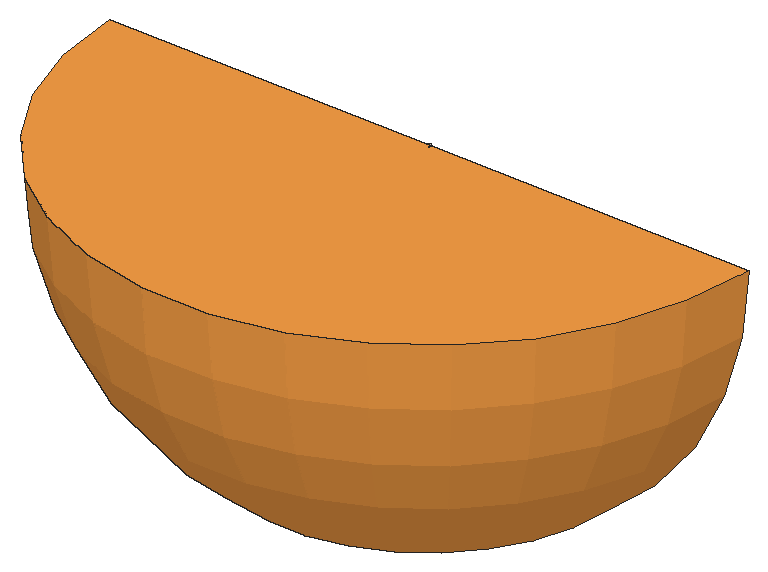
Revit family "Difusores de chorro_Aguilera Extincion", category Rociadores, Revit 2017
Family settings
  Mantener orientación de anotación = No
  Cota de conector redondo = Radio de uso
  Tipo de pieza = Normal
  Número OmniClass = 23.65.70.17.11.24
  Título OmniClass = Fire Fighting Sprinkler Heads
  Se basa en plano de trabajo = Sí
  Siempre vertical = Sí
  Corte con vacíos al cargar = No
  Compartido = No
  Punto de cálculo de habitación = No
Parameters (values of type "Difusor de chorro 1 1/4" hembra")
  Zona de acción = yes
  URL = "http://aguilera.es/?productos=difusores-de-chorro-ig-55"
  Símbolo texto modelo = yes
  Símbolo = yes
  Rosca = 31.8 mm
  Rh = Hexagonal / 2  # 25 mm
  Respuesta = Norma
  Radio = Rosca / 2  # 15.9 mm
  Orificio = Norma
  Modelo = "AEX/DCH114"
  Hr = Altura / 3.5  # 20 mm
  Hexagonal = 50 mm
  Fabricante = "Aguilera Extinción"  # constant formula
  Default Elevation = 0 mm
  Diámetro = 6.4 mm
  Descripción = "Componente que permite obtener un caudal predeterminado y una característica de distribución uniforme del agente extintor dentro o sobre el riesgo protegido."  # constant formula
  Dd = Altura / 6  # 11.667 mm
  Cobertura = Norma
  Clase de presión = Norma
  Altura = 70 mm
Types (8, lengths in mm): name | Rosca | Rh | Radio | Modelo | Hr | Hexagonal | Dd | Altura
  (no name) | 31.8 | 25 | 15.9 | "AEX/DCH114" | 20 | 50 | 11.667 | 70
  Difusor de chorro 1/4" hembra | 6.4 | 9 | 3.2 | "AEX/DCH14" | 8.571 | 18 | 5 | 30
  Difusor de chorro 3/8" hembra | 9.5 | 11 | 4.75 | "AEX/DCH38" | 10 | 22 | 5.833 | 35
  Difusor de chorro 1/2" hembra | 12.7 | 13.5 | 6.35 | "AEX/DCH12" | 13.143 | 27 | 7.667 | 46
  Difusor de chorro 3/4" hembra | 19.1 | 16 | 9.55 | "AEX/DCH34" | 14.286 | 32 | 8.333 | 50
  Difusor de chorro 1" hembra | 25.4 | 20 | 12.7 | "AEX/DCH1" | 17.143 | 40 | 10 | 60
  Difusor de chorro 1 1/4" hembra | 31.8 | 25 | 15.9 | "AEX/DCH114" | 20 | 50 | 11.667 | 70
  Difusor de chorro 1 1/2" hembra | 38.1 | 30 | 19.05 | "AEX/DCH112" | 24.286 | 60 | 14.167 | 85
Reference planes
  plane 1 "Centro (Frontal/Posterior)": y = 0
  plane 2: z = 0
  plane 3 "Centro (Izquierda/Derecha)": x = 0
  plane 4: z = -70
  plane 5: x = -25
  plane 6: x = 25
  plane 7: through (-17, -19.053, 3968.5) normal (0.5, 0.866, 0)
  plane 8: through (-4.5, 2.598, 3968.5) normal (0.5, 0.866, 0)
  plane 9: through (8, 24.249, 3968.5) normal (0.5, 0.866, 0)
  plane 10: through (17, -19.053, 3968.5) normal (0.5, -0.866, 0)
  plane 11: through (4.5, 2.598, 3968.5) normal (0.5, -0.866, 0)
  plane 12: through (-8, 24.249, 3968.5) normal (0.5, -0.866, 0)
  plane 13: z = -20
Forms (mm)
  Revolve 1, solid, material "Zona de acción", visible <- "Zona de acción"
    sketch origin (0, 0, -1.689) x (-1, 0, 0) y (0, 0, 1)
      loop
        line (0, 4.189) -> (-4000, 4.189)
        arc (-4000, 4.189) -> (-2828.427, -2824.238) -> (0, -3995.811) r 4000
        line (0, -3995.811) -> (0, 4.189)
      axis (0, 4.189) -> (0, -3995.811)
    angle from 0 to 180
  Extrusion 2, solid, material "Acero F212 Cromado", detail levels medium+fine
    sketch origin (0, 0, 0) x (1, 0, 0) y (0, 1, 0)
      loop
        line (25, 14.434) -> (0, 28.868) -> (-25, 14.434) -> (-25, -14.434) -> (0, -28.868) -> (25, -14.434) -> (25, 14.434)
    from 0 to -20
  Revolve 3, solid, material "Acero F212 Cromado", detail levels medium+fine
    sketch origin (0, 0, 0) x (1, 0, 0) y (0, 0, 1)
      loop
        line (0, -20) -> (-25, -20) -> (-25, -45) -> (-23.651, -45) -> (-23.651, -70) -> (0, -70) -> (0, -20)
      axis (0, -20) -> (0, -70)
    angle from 0 to 360
  Extrusion 4, void
    sketch origin (0, 0, 0) x (0, -1, 0) y (0, 0, 1)
      loop
        line (0, -45) -> (-11.667, -45) -> (0, -70) -> (11.667, -70) -> (0, -45)
    from -25 to 25
Cuts and joins
  Extrusion 4 cuts Revolve 1
  Extrusion 4 cuts Revolve 3
Dimensions and locks
  equal spacing: plane 12, plane 11, plane 10
  "Hexagonal": plane 12 to plane 10
  equal spacing: plane 5, plane 3 "Centro (Izquierda/Derecha)", plane 6
  "Hexagonal": plane 5 to plane 6
  equal spacing: plane 9, plane 8, plane 7
  "Hexagonal": plane 9 to plane 7
  "Altura": plane 2 to plane 4
  "Rh": Revolve 3 sketch curve to Revolve 3 sketch curve
  equal spacing: Extrusion 2, Revolve 3 sketch curve, plane 4
  Revolve 3 sketch curve to Revolve 3 sketch curve = 1.349 mm
  "Hr": plane 2 to plane 13
  "Dd": Extrusion 4 sketch curve to Extrusion 4 sketch curve  (x2)
  aligned and locked: level to plane 2
  aligned and locked: Extrusion 2 sketch curve to plane 6
  aligned and locked: Extrusion 2 sketch curve to plane 5
  aligned and locked: plane 7 to Extrusion 2 sketch curve
  aligned and locked: plane 9 to Extrusion 2 sketch curve
  aligned and locked: plane 12 to Extrusion 2 sketch curve
  aligned and locked: Extrusion 2 sketch curve to plane 10
  aligned and locked: level to Extrusion 2
  aligned and locked: Revolve 3 sketch curve to Extrusion 2
  aligned and locked: plane 3 "Centro (Izquierda/Derecha)" to Revolve 3 sketch curve
  aligned and locked: Revolve 3 sketch curve to plane 3 "Centro (Izquierda/Derecha)"
  aligned and locked: Revolve 3 sketch curve to plane 4
  aligned and locked: Extrusion 2 to plane 13
  aligned and locked: Extrusion 4 sketch curve to Revolve 3
  aligned and locked: plane 4 to Extrusion 4 sketch curve
  aligned and locked: Revolve 3 to Extrusion 4 sketch curve
  aligned and locked: Extrusion 2 to Extrusion 4  (x2)
Automatic sketch dimensions
  level to Revolve 1 sketch curve = 2.5 mm
  plane 3 "Centro (Izquierda/Derecha)" to Revolve 1 sketch curve = 4000 mm
  Revolve 1 sketch curve to plane 3 "Centro (Izquierda/Derecha)" = 0 mm
  Revolve 1 sketch curve to Revolve 1 sketch curve = 0 mm
  Revolve 1 sketch curve to plane 4 = 153.343 mm
  Revolve 1 sketch curve to Revolve 1 sketch curve = 178.311 mm
  Revolve 3 sketch curve to Revolve 3 sketch curve = 0.384 mm
  level to Revolve 3 sketch curve = 6.369 mm
  Extrusion 4 sketch curve to plane 1 "Centro (Frontal/Posterior)" = 0 mm  (x2)
Nested families
  nested 1: "S_Difusor de chorro_Aguilera Extinción" at (0, 0, 0), visible <- "Símbolo", type "S_Difusor de chorro_Aguilera Extinción", detail levels coarse
Connectors
  piping at (0, 0, 0), diameter 31.8, driven by "Radio", driven by "Modelo"
    settings: on Extrusion 2, index 1, connector inside diameter 609.6 mm, connector length 0 mm, flow factor 0, pipe flow 0.0 L/min, pressure drop 0.0 Pa, fitting loss kfactor 0, connector angle 0.00°, fixture units 0, engagement length 0 mm, angle of deflection 0.00°, flow configuration 0, flow direction 1, fitting loss method 0, system type 26, joint type 0, gender type 0, connector reference index -1, connector utility 0, adjustable connector no, is connector primary yes, connector description "AEX/DCH114"
Definition of nested family "S_Difusor de chorro_Aguilera Extinción"
  Parameters (values of type "S_Difusor de chorro_Aguilera Extinción")
    Texto símbolo = "Difusor de ventana"
    Texto modelo = yes
    Modelo = "AEX/DV112C"
  Reference planes
    plane 1: y = 0
    plane 2: x = 0
  Lines and regions (mm)
    detail lines
      curve 1: line (0, -1.699, 0) -> (0, -2.813, 0)
      curve 2: line (1.201, -1.201, 0) -> (1.989, -1.989, 0)
      curve 3: line (1.699, 0, 0) -> (2.813, 0, 0)
      curve 4: line (-1.201, -1.201, 0) -> (-1.989, -1.989, 0)
      curve 5: line (-1.699, 0, 0) -> (-2.813, 0, 0)
      curve 6: line (1.49, 0, 0) -> (-1.49, 0, 0)
      curve 7: arc (-1.49, 0, 0) -> (0, -1.49, 0) -> (1.49, 0, 0) r 1.49
  Text (mm)
    label "Texto símbolo" at (-0.164, 2.716, 0), shows "Texto símbolo", visible <- "Texto modelo"
    label "Modelo" at (-0.164, -4.339, 0), shows "Modelo", visible <- "Texto modelo"
